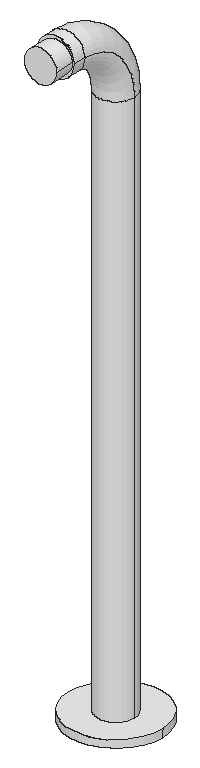
Revit family "CL10052-C_CLARK RIGHT ANGLED WALL ARM 400MM", category Plumbing Fixtures, host Face, Revit 2015
Parameters (values of type "CLARK RIGHT ANGLED WALL ARM 400MM")
  Waste Connection = no
  Vent Connection = no
  URL = "https://www.clark.com.au/"
  Model = "CL10052.C"
  Material_Base = GWA_Metal-Chrome
  Manufacturer = "GWA Bathrooms & Kitchens"  # constant formula
  HW Connection = no
  Description = "CLARK RIGHT ANGLED WALL ARM 400MM"
  Default Elevation = 0 mm
  CreatedBy_ANZRS = "GWA Bathrooms & Kitchens"  # constant formula
  CW Connection = no
  Assembly Code = "D2010710"
Reference planes
  plane 1 "Center (Front/Back)": y = 0
  plane 2: z = 0
  plane 3 "Center (Left/Right)": x = 0
Forms (mm)
  Extrusion 1, solid, material "GWA_Metal-Chrome" <- "Material_Base"
    sketch origin (0, 0, 0) x (1, 0, 0) y (0, 1, 0)
      loop
        circle (0, 0) r 30
    from 0 to 5
  Sweep 2, solid, material "GWA_Metal-Chrome" <- "Material_Base"
    path origin (0, 0, 0) x (0, 1, 0) y (0, 0, 1)
      loop
        line (0, 5) -> (0, 360)
        arc (0, 360) -> (-11.716, 388.284) -> (-40, 400) r 40
        line (-40, 400) -> (-48, 400)
    profile origin (0, 0, 182.5) x (0, -1, 0) y (1, 0, 0)
      loop
        circle (0, 0) r 12
  Extrusion 3, solid, material "GWA_Metal-Chrome" <- "Material_Base"
    sketch origin (0, 0, 0) x (1, 0, 0) y (0, 0, 1)
      loop
        circle (0, 400) r 10.3
    from 48 to 60
Lines and regions (mm)
  Masking region 1
    outline origin (0, 0, 0) x (0, 1, 0) y (0, 0, 1)
      loop
        line (-60, 410.3) -> (-60, 389.7) -> (-48, 389.7) -> (-48, 388) -> (-40, 388)
        arc (-40, 388) -> (-20.201, 379.799) -> (-12, 360) r 28
        line (-12, 360) -> (-12, 5) -> (-30, 5) -> (-30, 0) -> (30, 0) -> (30, 5) -> (12, 5) -> (12, 360)
        arc (12, 360) -> (-3.23, 396.77) -> (-40, 412) r 52
        line (-40, 412) -> (-48, 412) -> (-48, 410.3) -> (-60, 410.3)
  Masking region 2
    outline origin (0, 0, 0) x (1, 0, 0) y (0, 0, 1)
      loop
        line (30, 0) -> (30, 5) -> (12, 5) -> (12, 400)
        arc (12, 400) -> (0, 412) -> (-12, 400) r 12
        line (-12, 400) -> (-12, 5) -> (-30, 5) -> (-30, 0) -> (30, 0)
  Masking region 3
    outline origin (0, 0, 40) x (-1, 0, 0) y (0, -1, 0)
      loop
        arc (-30, 0) -> (0, -30) -> (30, 0) r 30
        arc (30, 0) -> (25.1, 16.432) -> (12, 27.495) r 30
        line (12, 27.495) -> (12, 48) -> (10.3, 48) -> (10.3, 60) -> (-10.3, 60) -> (-10.3, 48) -> (-12, 48) -> (-12, 27.495)
        arc (-12, 27.495) -> (-25.1, 16.432) -> (-30, 0) r 30
  symbolic lines
    curve 1: line (0, -48, 410.3) -> (0, -48, 389.7)
    curve 2: line (0, -12, 5) -> (0, 12, 5)
    curve 3: line (12, 0, 5) -> (-12, 0, 5)
    curve 4: line (-12, -27.495, 40) -> (-12, 0, 40)
    curve 5: arc (-12, 0, 40) -> (0, 12, 40) -> (12, 0, 40) r 12
    curve 6: line (12, 0, 40) -> (12, -27.495, 40)
    curve 7: line (-10.3, -48, 40) -> (10.3, -48, 40)
Dimensions and locks
  aligned and locked: plane 2 to host face
  aligned and locked: level to host face
